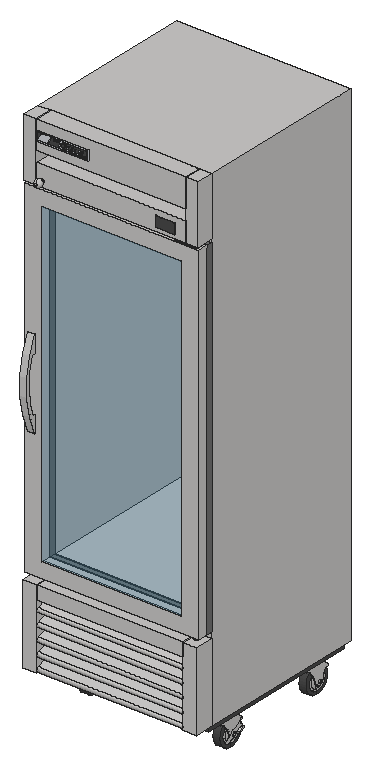
Revit family "QF_TRUE_T-23FG-HC~FGD01", category Specialty Equipment, Revit 2015
Parameters
  Weight in Pounds = 330
  Watts = if(Phase = 3, Volts * FL Amps * 1.73, Volts * FL Amps)  # 713 W
  Volts = 115 V
  URL Cutsheet = ""
  Specification by User = ""
  Specification by Manufacturer = ""
  Show Logo [instance] = yes
  Show Clearance [instance] = yes
  Show 6 Inches Standard Legs [instance] = no
  Show 6 Inches Seismic Flanged Legs [instance] = no
  Overall Height [instance] = Body Height + Base Height  # 83 11/16"
  Body Height [instance] = 78 7/16"
  6 Inches Seismic Flanged Legs [instance] = and(Show 6 Inches Seismic Flanged Legs, not(Show 5 Inches Casters))  # no
  6 Inches Standard Legs [instance] = and(Show 6 Inches Standard Legs, not(Show 5 Inches Casters))  # no
  Show 5 Inches Casters [instance] = if(Show 6 Inches Seismic Flanged Legs, Show 6 Inches Standard Legs, not(Show 6 Inches Standard Legs))  # yes
  Serial Number = ""
  Seismic Rating = ""
  SMACNA No = ""
  Revision Code = ""
  Phase = 1
  Number of Poles = 1
  NAFEM Spec ID Number = ""
  Model = "T-23FG-HC~FGD01"
  Min Ckt Ampacity = 0 A
  Max Overcurrent Protection = 0 A
  Masterspec = ""
  Manufacturer = "TRUE"
  Length = 27"
  Item Number = ""
  Installed By = ""
  Identify Quantity as Lot = yes
  Height = 81 7/8"
  HP = "3/4"
  Furnished By = ""
  Foodservice Equipment Identifier = yes
  FL Amps = 6.2 A
  Electrical Remarks = ""
  Electric Connection Type = ""
  Elec Conn RI Height = 0"
  Elec Conn Connection Height = 0"
  Description = "REACH-IN GLASS SWING DOOR REFRIGERATOR WITH HYDROCARBON REFRIGERANT~FRAMED GLASS DOOR VERSION 01"
  Depth = 32 1/32"
  Cycle = 60 Hz
  Conn Plug = "NEMA 5-15P"
  Conn Conduit = yes
  CSI MasterFormat = ""
  Base Height [instance] = if(Show 5 Inches Casters, 5 1/4", 6")  # 5 1/4"
  Apparent Power = if(Phase = 3, Volts * FL Amps * 1.73, Volts * FL Amps)  # 713 VA
Reference planes (in)
  plane 1 "BACK": y = 0
  plane 2: z = 0
  plane 3 "LEFT": x = 0
  plane 4 "RIGHT": x = 27
  plane 5 "FRONT": y = -32.03125
  plane 6 "TOP": z = 5.25
  plane 7 "Center Y": x = 13.5
  plane 8 "Center X": y = -16.01562
  plane 9: z = 83.6875
Dimensions and locks (in)
  equal spacing: plane 3 "LEFT", plane 7 "Center Y", plane 4 "RIGHT"
  "Length": plane 3 "LEFT" to plane 4 "RIGHT"
  equal spacing: plane 5 "FRONT", plane 8 "Center X", plane 1 "BACK"
  "Depth": plane 5 "FRONT" to plane 1 "BACK"
  "Base Height": plane 6 "TOP" to level
  "Body Height": plane 9 to plane 6 "TOP"
  "Overall Height": plane 9 to plane 2
  aligned and locked: plane 2 to level
  aligned and locked: nested 1 to plane 6 "TOP"
Nested families (in)
  nested 1: "T-23FG-HC-FGD01" at (0, 0, 5.25), Show Clearance <- "Show Clearance", Show Logo <- "Show Logo", type "T-23FG-HC-FGD01"
    with Show Logo yes, Show Clearance yes
  nested 2: "5 INCHES 01_CASTER" at (2.98654, -21.77779, 0), type "5 INCHES 01_CASTER"
    with Specification by User "", Revision Code "", Item Number "", Installed By "", Identify Quantity as Lot yes, Furnished By "", Foodservice Equipment Identifier yes
  nested 3: "5 INCHES 01_CASTER" at (24.01346, -21.77779, 0), type "5 INCHES 01_CASTER"
    with Specification by User "", Revision Code "", Item Number "", Installed By "", Identify Quantity as Lot yes, Furnished By "", Foodservice Equipment Identifier yes
  nested 4: "5 INCHES 01_CASTER" at (2.98654, -5.03471, 0), type "5 INCHES 01_CASTER"
    with Type Mark "", Specification by User "", Show 5" Casters yes, Revision Code "", Key Locks no, Item Number "", Installed By "", Identify Quantity as Lot yes, Furnished By "", Foodservice Equipment Identifier yes
  nested 5: "5 INCHES 01_CASTER" at (24.01346, -5.03471, 0), type "5 INCHES 01_CASTER"
    with Type Mark "", Specification by User "", Show 5" Casters yes, Revision Code "", Key Locks no, Item Number "", Installed By "", Identify Quantity as Lot yes, Furnished By "", Foodservice Equipment Identifier yes
Connectors (in)
  electrical at (12.40625, 0.25, 7.68713), driven by "Volts", driven by "Watts"
    settings: on nested 1, index 2, voltage 115 V, apparent load 713 VA, apparent load phase1 0 VA, apparent load phase2 0 VA, apparent load phase3 0 VA, power factor 1, load classification "Other", number of poles 1, system type 30, power factor state 1, is connector primary yes, connector utility no, sub classification motor no, connector description "ELECTRICAL CONNECTION"
Definition of nested family "T-23FG-HC-FGD01"
  Parameters (values of type "T-23FG-HC-FGD01")
    Weight in Pounds = 0
    Watts = if(Phase = 3, Volts * FL Amps * 1.73, Volts * FL Amps)  # 0 W
    Volts = 0 V
    URL Cutsheet = ""
    Specification by User = ""
    Specification by Manufacturer = ""
    Show Logo [instance] = yes
    Show Clearance [instance] = yes
    Serial Number = ""
    Seismic Rating = ""
    SMACNA No = ""
    Revision Code = ""
    Phase = 0
    Number of Poles = 1
    NAFEM Spec ID Number = ""
    Model = "T-23FG-HC~FGD01"
    Min Ckt Ampacity = 0 A
    Max Overcurrent Protection = 0 A
    Masterspec = ""
    Manufacturer = "TRUE"
    Length = 27"
    Item Number = ""
    Installed By = ""
    Identify Quantity as Lot = yes
    Height = 78 7/16"
    HP = ""
    Furnished By = ""
    Foodservice Equipment Identifier = yes
    FL Amps = 0 A
    Electrical Remarks = ""
    Electric Connection Type = ""
    Elec Conn RI Height = 0"
    Elec Conn Connection Height = 0"
    Description = ""
    Depth = 32 1/32"
    Cycle = 0 Hz
    Conn Plug = ""
    Conn Conduit = yes
    CSI MasterFormat = ""
    Apparent Power = if(Phase = 3, Volts * FL Amps * 1.73, Volts * FL Amps)  # 0 VA
  Reference planes (in)
    plane 1 "BACK": y = 0
    plane 2: z = 0
    plane 3 "LEFT": x = 0
    plane 4 "RIGHT": x = 27
    plane 5 "FRONT": y = -32.03125
    plane 6 "TOP": z = 78.4375
    plane 7 "Center Y": x = 13.5
    plane 8 "Center X": y = -16.01562
    plane 9: y = -55.96875
    plane 10: y = -0.46875
  Forms (in)
    Extrusion 1, solid
      sketch origin (0, 0, -3.4375) x (0, 1, 0) y (0, 0, 1)
        loop
          line (-26.71365, 4.87597) -> (-26.71365, 3.4375) -> (-0.49192, 3.4375) -> (-0.49192, 4.87597) -> (-26.71365, 4.87597)
      from 1.05258 to 25.94742
    Extrusion 2, solid
      sketch origin (0, 0, 59.09193) x (0, 0, -1) y (-1, 0, 0)
        loop
          circle (56.6548, -12.40625) r 0.25
      from 0 to 0.25
    Extrusion 3, solid
      sketch origin (0, 0, -3.4375) x (0, 1, 0) y (0, 0, 1)
        loop
          line (0, 17.70886) -> (-0.5, 17.70886) -> (-0.5, 7.1875) -> (0, 7.1875) -> (0, 17.70886)
        loop
          line (-0.5, 7.08999) -> (-0.5, 4.76141) -> (0, 4.76141) -> (0, 7.08999) -> (-0.5, 7.08999)
      from 1.05258 to 23.84813
    Revolve 4, solid
      sketch origin (11.9375, 0, 5) x (1, 0, 0) y (0, 1, 0)
        loop
          line (11.08374, 0) -> (11.52576, 0) -> (11.52576, 0.53314) -> (11.08374, 0.53314) -> (11.08374, 0)
        axis (11.08374, 0) -> (11.08374, 0.53314)
      angle from 0 to 360
    Revolve 5, solid
      sketch origin (12.875, 0, 5) x (-1, 0, 0) y (0, -1, 0)
        loop
          line (11.08374, 0) -> (11.08374, -0.53314) -> (11.52576, -0.53314) -> (11.52576, 0) -> (11.08374, 0)
        axis (11.08374, 0) -> (11.08374, -0.53314)
      angle from 0 to 360
    Extrusion 6, solid
      sketch origin (0, -27.46875, 2.25) x (0, 0, 1) y (-1, 0, 0)
        loop
          line (12.37447, 0) -> (12.37447, -27) -> (66.56435, -27) -> (66.56435, 0) -> (12.37447, 0)
        loop
          line (14.62447, -2.57422) -> (14.62447, -24.42578) -> (64.24013, -24.42578) -> (64.24013, -2.57422) -> (14.62447, -2.57422)
      from 0.88884 to 2.57713
    Extrusion 7, solid
      sketch origin (0, -16.71875, -3.4375) x (0, 1, 0) y (0, 0, 1)
        loop
          line (-13.20993, 4.9586) -> (-10.75, 5.90288) -> (-10.75, 6.70623) -> (-13.4787, 5.65878)
          arc (-13.4787, 5.65878) -> (-13.69441, 5.1743) -> (-13.20993, 4.9586) r 0.375
        loop
          line (-13.20993, 9.06797) -> (-10.75, 10.01225) -> (-10.75, 10.81561) -> (-13.4787, 9.76816)
          arc (-13.4787, 9.76816) -> (-13.69441, 9.28368) -> (-13.20993, 9.06797) r 0.375
        loop
          line (-13.20993, 7.00836) -> (-10.75, 7.95263) -> (-10.75, 8.75599) -> (-13.4787, 7.70854)
          arc (-13.4787, 7.70854) -> (-13.69441, 7.22406) -> (-13.20993, 7.00836) r 0.375
        loop
          line (-13.71875, 17.12597) -> (-13.71875, 15.08585) -> (-10.75, 15.08585) -> (-10.75, 17.12597) -> (-13.71875, 17.12597)
        loop
          line (-13.20993, 11.12759) -> (-10.75, 12.07187) -> (-10.75, 12.87523) -> (-13.4787, 11.82777)
          arc (-13.4787, 11.82777) -> (-13.69441, 11.34329) -> (-13.20993, 11.12759) r 0.375
        loop
          line (-13.20993, 13.18721) -> (-10.75, 14.13148) -> (-10.75, 14.96085) -> (-13.4787, 13.88739)
          arc (-13.4787, 13.88739) -> (-13.69441, 13.40291) -> (-13.20993, 13.18721) r 0.375
      from 2.10981 to 24.89019
    Extrusion 8, solid
      sketch origin (0, -30.04588, 2.25) x (0, 0, 1) y (-1, 0, 0)
        loop
          line (64.24013, -2.57422) -> (14.62447, -2.57422) -> (14.62447, -24.42578) -> (64.24013, -24.42578) -> (64.24013, -2.57422)
      from 0 to -0.25
    Extrusion 9, solid
      sketch origin (0, -5.21875, -3.4375) x (0, 1, 0) y (0, 0, 1)
        loop
          line (-25, 81.875) -> (-25, 72.74662) -> (-22.25, 72.74662) -> (-22.25, 81.875) -> (-25, 81.875)
      from 0 to 1.90515
    Extrusion 10, solid
      sketch origin (0, -5.21875, -3.4375) x (0, 1, 0) y (0, 0, 1)
        loop
          line (-25, 75.86844) -> (-25, 72.74662) -> (-22.25, 72.74662) -> (-22.25, 75.86844) -> (-25, 75.86844)
        loop
          line (-25, 77.49344) -> (-22.25, 77.49344) -> (-22.25, 81.875) -> (-25, 81.875) -> (-25, 77.49344)
      from 1.90515 to 25.09485
    Extrusion 11, solid
      sketch origin (2.625, -17.69911, 55.03916) x (0, 0, 1) y (0, 1, 0)
        loop
          arc (-9.25573, -13.36969) -> (-13.54868, -13.98814) -> (-17.81823, -13.2247) r 13.61111
          line (-17.81823, -13.2247) -> (-17.81823, -12.68605) -> (-20.36286, -12.68605)
          arc (-20.36286, -12.68605) -> (-13.44922, -14.33214) -> (-6.53558, -12.68605) r 15.34178
          line (-6.53558, -12.68605) -> (-9.25573, -12.68605) -> (-9.25573, -13.36969)
      from 0.77133 to 1.84742
    Extrusion 12, solid
      sketch origin (0, 4.28125, -0.60715) x (0, -1, 0) y (0, 0, 1)
        loop
          line (31.76964, 14.29562) -> (31.76964, 2.04562) -> (34.73839, 2.04562) -> (34.73839, 14.29562) -> (31.76964, 14.29562)
      from -2.10981 to 0
    Extrusion 13, solid
      sketch origin (0, -30.21875, 69.875) x (0, 0, 1) y (-1, 0, 0)
        loop
          line (1.67987, -20.5494) -> (0.04, -20.5494) -> (0.04, -23.49734) -> (1.67987, -23.49734) -> (1.67987, -20.5494)
      from 0 to 0.0625
    Extrusion 14, solid
      sketch origin (27, -5.21875, 0) x (0, -1, 0) y (0, 0, 1)
        loop
          line (25, 78.4375) -> (22.25, 78.4375) -> (22.25, 69.30912) -> (25, 69.30912) -> (25, 78.4375)
      from 0 to 1.90515
    Extrusion 15, solid
      sketch origin (27, 4.28125, -0.60715) x (0, -1, 0) y (0, 0, -1)
        loop
          line (31.76964, -14.29562) -> (34.73839, -14.29562) -> (34.73839, -2.04562) -> (31.76964, -2.04562) -> (31.76964, -14.29562)
      from -2.10981 to 0
    Revolve 16, solid
      sketch origin (2.8125, -5.12906, 0.0077) x (0, 1, 0) y (0, 0, 1)
        loop
          line (-26.21193, 70.08568) -> (-25.08969, 70.08568) -> (-25.08969, 70.38048) -> (-25.29687, 70.38048) -> (-25.29687, 70.44449) -> (-25.41402, 70.44449)
          arc (-25.41402, 70.44449) -> (-25.84599, 70.63218) -> (-26.21193, 70.33568) r 0.45393
          line (-26.21193, 70.33568) -> (-26.21193, 70.08568)
        axis (-26.21193, 70.08568) -> (-25.08969, 70.08568)
      angle from 0 to 360
    Extrusion 17, solid
      sketch origin (1.96409, -27.125, 68.81435) x (1, 0, 0) y (0, 1, 0)
        loop
          line (24.5625, -1.62139) -> (21.0974, -1.62139) -> (21.0974, -2.6725) -> (24.5625, -2.6725) -> (24.5625, -1.62139)
        loop
          circle (24.12704, -2.16728) r 0.25
        loop
          circle (22.47678, -2.15567) r 0.25
        loop
          circle (21.47678, -2.15567) r 0.25
      from 0 to 0.22057
    Extrusion 18, solid
      sketch origin (1.96409, -27.125, 68.81435) x (1, 0, 0) y (0, 1, 0)
        loop
          circle (22.47678, -2.15567) r 0.25
        loop
          circle (21.47678, -2.15567) r 0.25
      from 0 to 0.31015
    Extrusion 19, solid
      sketch origin (1.96409, -27.125, 68.81435) x (1, 0, 0) y (0, 1, 0)
        loop
          circle (24.12704, -2.16728) r 0.25
      from 0 to 0.49477
    Extrusion 20, solid
      sketch origin (26.77659, -27.46875, 69.30912) x (-1, 0, 0) y (0, 1, 0)
        loop
          line (0.22917, -2.35477) -> (1.22917, -2.35477) -> (1.18806, 0) -> (0.27027, 0) -> (0.22917, -2.35477)
        loop
          circle (0.6841, -1.82353) r 0.25
      from 0 to 0.1875
    Extrusion 21, solid
      sketch origin (27, -27.46875, 14.62447) x (0, 1, 0) y (1, 0, 0)
        loop
          line (0, -1.157) -> (0, -0.21392) -> (-2.06523, -0.25589)
          arc (-2.06523, -0.25589) -> (-2.48736, -0.68546) -> (-2.06523, -1.11503) r 0.42963
          line (-2.06523, -1.11503) -> (0, -1.157)
        loop
          circle (-2.05773, -0.68546) r 0.25
      from 0 to 0.22057
    Extrusion 22, solid
      sketch origin (27, -27.46875, 14.62447) x (0, 1, 0) y (1, 0, 0)
        loop
          circle (-2.05773, -0.68546) r 0.25
      from 0 to 0.31257
    Extrusion 23, solid, visible <- "Show Clearance", detail levels coarse
      sketch origin (0, -5.21875, 0) x (1, 0, 0) y (0, 1, 0)
        loop
          arc (0.00341, -24.82713) -> (8.11424, -43.39918) -> (27, -50.75) r 26.40038
          line (27, -50.75) -> (27, -24.82713) -> (0.00341, -24.82713)
      from 14.62447 to 68.81435
    Extrusion 24, solid
      sketch origin (27, -27.46875, 75.5) x (0, 0, -1) y (-1, 0, 0)
        loop
          line (-2.9375, 27) -> (-2.9375, 0) -> (74.06153, 0) -> (74.06153, 27) -> (-2.9375, 27)
        loop
          line (9.00987, 2.57422) -> (58.62553, 2.57422) -> (58.62553, 24.42578) -> (9.00987, 24.42578) -> (9.00987, 2.57422)
      from 0 to 26.96875
    Extrusion 25, solid
      sketch origin (27, -0.5, 75.5) x (0, 0, -1) y (-1, 0, 0)
        loop
          line (9.00987, 2.57422) -> (58.62553, 2.57422) -> (58.62553, 24.42578) -> (9.00987, 24.42578) -> (9.00987, 2.57422)
      from 0 to -1
    Extrusion 26, solid
      sketch origin (27, -27.46875, 75.5) x (0, 0, 1) y (-1, 0, 0)
        loop
          line (-6.68565, 0) -> (-6.68565, 27) -> (-60.87553, 27) -> (-60.87553, 0) -> (-6.68565, 0)
        loop
          line (-9.00987, 24.42578) -> (-58.62553, 24.42578) -> (-58.62553, 2.57422) -> (-9.00987, 2.57422) -> (-9.00987, 24.42578)
      from 0 to 0.88884
  Cuts and joins
    joined: Extrusion 24, Extrusion 25
  Lines and regions (in)
    symbolic lines
      curve 1: line (0, -0.5, 0) -> (27, -0.5, 0)
      curve 2: line (0, -30.21875, 0) -> (0, -0.5, 0)
      curve 3: line (27, -30.21875, 0) -> (0, -30.21875, 0)
      curve 4: line (27, -0.5, 0) -> (27, -30.45714, 0)
      curve 5: line (2.45369, -30.42593, 0) -> (3.17131, -30.42593, 0)
      curve 6: line (2.45369, -30.42593, 0) -> (2.45369, -30.54308, 0)
      curve 7: line (2.45369, -30.54308, 0) -> (3.17131, -30.54308, 0)
      curve 8: line (3.17131, -30.54308, 0) -> (3.17131, -30.42593, 0)
      curve 9: line (3.1073, -30.42593, 0) -> (3.1073, -30.21875, 0)
      curve 10: line (2.5177, -30.42593, 0) -> (2.5177, -30.21875, 0)
      curve 11: arc (2.45369, -30.54308, 0) -> (2.26357, -30.97538, 0) -> (2.5625, -31.34099, 0) r 0.45187
      curve 12: arc (3.17131, -30.54308, 0) -> (3.36036, -30.97523, 0) -> (3.0625, -31.34099, 0) r 0.45277
      curve 13: line (2.5625, -31.34099, 0) -> (3.0625, -31.34099, 0)
      curve 14: line (0.01395, -30.45714, 0) -> (2.45369, -30.45714, 0)
      curve 15: line (3.17131, -30.45714, 0) -> (27, -30.45714, 0)
      curve 16: line (0, -27.46875, 0) -> (27, -27.46875, 0)
      curve 17: arc (0.00137, -29.2374, 0) -> (0.99521, -36.75832, 0) -> (4.08676, -43.68611, 0) r 26.40038
      curve 18: line (0.77758, -32.03125, 0) -> (0.77758, -30.45714, 0)
      curve 19: line (0.77758, -32.03125, 0) -> (1.85367, -32.03125, 0)
      curve 20: line (1.85367, -32.03125, 0) -> (1.85367, -30.45714, 0)
      curve 21: line (1.05258, 0, 0) -> (1.05258, -0.5, 0)
      curve 22: line (1.05258, 0, 0) -> (23.84813, 0, 0)
      curve 23: line (23.84813, 0, 0) -> (23.84813, -0.5, 0)
      curve 24: line (1.34924, 0.53314, 0) -> (1.34924, 0, 0)
      curve 25: line (1.34924, 0.53314, 0) -> (2.23327, 0.53314, 0)
      curve 26: line (2.23327, 0.53314, 0) -> (2.23327, 0, 0)
      curve 27: line (22.57923, 0.53314, 0) -> (22.57923, 0, 0)
      curve 28: line (22.57923, 0.53314, 0) -> (23.46326, 0.53314, 0)
      curve 29: line (23.46326, 0.53314, 0) -> (23.46326, 0, 0)
      curve 30: line (1.90515, -27.46875, 0) -> (1.90515, -30.21875, 0)
      curve 31: line (25.09485, -27.46875, 0) -> (25.09485, -30.21875, 0)
      curve 32: line (4.08676, -43.68611, 0) -> (27, -30.45714, 0)
  Dimensions and locks (in)
    equal spacing: plane 3 "LEFT", plane 7 "Center Y", plane 4 "RIGHT"
    "Length": plane 3 "LEFT" to plane 4 "RIGHT"
    equal spacing: plane 5 "FRONT", plane 8 "Center X", plane 1 "BACK"
    "Depth": plane 5 "FRONT" to plane 1 "BACK"
    "Height": plane 6 "TOP" to level
    plane 5 "FRONT" to plane 1 "BACK" = 32 1/32"
    plane 9 to plane 1 "BACK" = 55 31/32"
    plane 4 "RIGHT" to plane 3 "LEFT" = 27"
    plane 10 to plane 1 "BACK" = 15/32"
    aligned and locked: level to plane 2
  Automatic sketch dimensions
    Extrusion 1 sketch curve to level = 0"
    Extrusion 1 sketch curve to plane 10 = 0.02317"
    level to Extrusion 1 sketch curve = 1.43847"
    Extrusion 2 sketch curve to plane 7 "Center Y" = 1 3/32"
    level to Extrusion 2 sketch curve = 2.43713"
    Extrusion 3 sketch curve to plane 1 "BACK" = 0"  (x2)
    Extrusion 3 sketch curve to plane 10 = 1/32"  (x2)
    level to Extrusion 3 sketch curve = 1.32391"
    Extrusion 3 sketch curve to Extrusion 3 sketch curve = 2.32858"
    Extrusion 3 sketch curve to Extrusion 3 sketch curve = 0.09751"
    Extrusion 3 sketch curve to Extrusion 3 sketch curve = 10.52136"
    plane 1 "BACK" to Revolve 4 sketch curve = 0"
    plane 4 "RIGHT" to Revolve 4 sketch curve = 3.97876"
    Revolve 4 sketch curve to Revolve 4 sketch curve = 0.44201"
    Revolve 4 sketch curve to plane 1 "BACK" = 0.53314"
    Revolve 4 sketch curve to Revolve 4 sketch curve = 0"
    Revolve 4 sketch curve to Revolve 4 sketch curve = 0.32081"
    Revolve 4 sketch curve to Revolve 4 sketch curve = 0.13775"
    plane 1 "BACK" to Revolve 5 sketch curve = 0"
    plane 3 "LEFT" to Revolve 5 sketch curve = 1.79126"
    Revolve 5 sketch curve to Revolve 5 sketch curve = 0.44201"
    Revolve 5 sketch curve to plane 1 "BACK" = 0.53314"
    Revolve 5 sketch curve to Revolve 5 sketch curve = 0"
    Revolve 5 sketch curve to Revolve 5 sketch curve = 0.32081"
    Revolve 5 sketch curve to Revolve 5 sketch curve = 0.13775"
    plane 4 "RIGHT" to Extrusion 6 sketch curve = 0"
    Extrusion 6 sketch curve to plane 3 "LEFT" = 0"
    level to Extrusion 6 sketch curve = 14.62447"
    Extrusion 6 sketch curve to Extrusion 6 sketch curve = 2 1/4"
    plane 3 "LEFT" to Extrusion 6 sketch curve = 2 147/256"
    Extrusion 6 sketch curve to plane 6 "TOP" = 11.94737"
    Extrusion 6 sketch curve to Extrusion 6 sketch curve = 2 83/256"
    plane 4 "RIGHT" to Extrusion 6 sketch curve = 2 147/256"
    Extrusion 7 sketch curve to Extrusion 7 sketch curve = 2.45993"  (x2)
    Extrusion 7 sketch curve to Extrusion 7 sketch curve = 0"  (x3)
    level to Extrusion 7 sketch curve = 1.5211"
    Extrusion 7 sketch curve to Extrusion 7 sketch curve = 0.35009"  (x5)
    level to Extrusion 7 sketch curve = 2.46538"
    Extrusion 7 sketch curve to Extrusion 7 sketch curve = 0.80336"  (x4)
    Extrusion 7 sketch curve to Extrusion 7 sketch curve = 1.34957"
    Extrusion 7 sketch curve to Extrusion 7 sketch curve = 1.2464"
    Extrusion 7 sketch curve to Extrusion 7 sketch curve = 1.35943"  (x3)
    Extrusion 7 sketch curve to Extrusion 7 sketch curve = 1.25626"  (x3)
    Extrusion 7 sketch curve to Extrusion 7 sketch curve = 0.82937"
    Extrusion 7 sketch curve to Extrusion 7 sketch curve = 1.19846"
    Extrusion 7 sketch curve to Extrusion 7 sketch curve = 2.04012"
    Extrusion 8 sketch curve to Extrusion 6 = 0"  (x4)
    Extrusion 9 sketch curve to plane 6 "TOP" = 0"
    Extrusion 9 sketch curve to Extrusion 9 sketch curve = 2 3/4"
    Extrusion 9 sketch curve to plane 6 "TOP" = 9.12838"
    Extrusion 10 sketch curve to plane 6 "TOP" = 0"
    Extrusion 10 sketch curve to Extrusion 10 sketch curve = 0"  (x2)
    Extrusion 10 sketch curve to plane 6 "TOP" = 4.38156"
    Extrusion 10 sketch curve to Extrusion 10 sketch curve = 1 5/8"
    Extrusion 10 sketch curve to Extrusion 10 sketch curve = 3.12182"
    level to Extrusion 11 sketch curve = 34.6763"
    Extrusion 11 sketch curve to Extrusion 11 sketch curve = 2.54463"
    Extrusion 11 sketch curve to plane 8 "Center X" = 0.67384"
    Extrusion 11 sketch curve to Extrusion 11 sketch curve = 4.36901"
    Extrusion 11 sketch curve to Extrusion 11 sketch curve = 0.13099"
    Extrusion 11 sketch curve to Extrusion 11 sketch curve = 8 9/16"
    Extrusion 11 sketch curve to Extrusion 11 sketch curve = 0.53865"
    level to Extrusion 12 sketch curve = 1.43847"
    Extrusion 12 sketch curve to Extrusion 12 sketch curve = 12 1/4"
    Extrusion 10 to Extrusion 13 sketch curve = 4.14094"
    Extrusion 13 sketch curve to Extrusion 13 sketch curve = 1.63987"
    Extrusion 10 to Extrusion 13 sketch curve = 1.59751"
    Extrusion 13 sketch curve to Extrusion 13 sketch curve = 2.94794"
    Extrusion 14 sketch curve to plane 6 "TOP" = 0"
    Extrusion 14 sketch curve to Extrusion 14 sketch curve = 2 3/4"
    Extrusion 14 sketch curve to plane 6 "TOP" = 9.12838"
    level to Extrusion 15 sketch curve = 13.68847"
    level to Extrusion 15 sketch curve = 1.43847"
    Revolve 16 sketch curve to Revolve 16 sketch curve = 0.20718"
    Revolve 16 sketch curve to Revolve 16 sketch curve = 0.11714"
    Revolve 16 sketch curve to Revolve 16 sketch curve = 0.37064"
    Revolve 16 sketch curve to Revolve 16 sketch curve = 0.42727"
    Revolve 16 sketch curve to plane 6 "TOP" = 8.34413"
    Revolve 16 sketch curve to Revolve 16 sketch curve = 0.09674"
    Revolve 16 sketch curve to Revolve 16 sketch curve = 1/4"
    Revolve 16 sketch curve to Revolve 16 sketch curve = 0.064"
    Revolve 16 sketch curve to Revolve 16 sketch curve = 0"  (x2)
    plane 4 "RIGHT" to Extrusion 17 sketch curve = 3.93851"
    Extrusion 17 sketch curve to Extrusion 17 sketch curve = 0.37938"
    Extrusion 17 sketch curve to Extrusion 17 sketch curve = 1"
    plane 4 "RIGHT" to Extrusion 17 sketch curve = 0.90887"
    plane 4 "RIGHT" to Extrusion 17 sketch curve = 0.47341"
    Extrusion 17 sketch curve to Extrusion 17 sketch curve = 0.50522"
    Extrusion 17 sketch curve to Extrusion 17 sketch curve = 0.51683"
    Extrusion 17 sketch curve to Extrusion 17 sketch curve = 0.53428"
    plane 4 "RIGHT" to Extrusion 18 sketch curve = 3.55913"
    Extrusion 18 sketch curve to Extrusion 18 sketch curve = 1"
    plane 4 "RIGHT" to Extrusion 19 sketch curve = 0.90887"
    Extrusion 19 sketch curve to Extrusion 19 sketch curve = 1/4"
    plane 4 "RIGHT" to Extrusion 20 sketch curve = 0.45257"
    plane 4 "RIGHT" to Extrusion 20 sketch curve = 0.49368"
    Extrusion 20 sketch curve to Extrusion 20 sketch curve = 0.45494"
    Extrusion 20 sketch curve to Extrusion 20 sketch curve = 0.91779"
    Extrusion 20 sketch curve to Extrusion 20 sketch curve = 0.54506"
    Extrusion 20 sketch curve to Extrusion 20 sketch curve = 17/32"
    Extrusion 20 sketch curve to Extrusion 20 sketch curve = 1.82353"
    Extrusion 21 sketch curve to Extrusion 21 sketch curve = 0"  (x3)
    plane 4 "RIGHT" to Extrusion 21 sketch curve = 0.25589"
    Extrusion 21 sketch curve to Extrusion 21 sketch curve = 0.0075"
    plane 4 "RIGHT" to Extrusion 21 sketch curve = 1.157"
    Extrusion 21 sketch curve to Extrusion 21 sketch curve = 2.06523"
    plane 4 "RIGHT" to Extrusion 21 sketch curve = 0.21392"
    Extrusion 21 sketch curve to Extrusion 21 sketch curve = 0.42957"
    plane 4 "RIGHT" to Extrusion 22 sketch curve = 0.68546"
    Extrusion 24 sketch curve to Extrusion 14 = 0"  (x2)
    Extrusion 24 sketch curve to Extrusion 14 = 25.09485"
    Extrusion 24 sketch curve to Extrusion 14 = 67.87065"
    Extrusion 24 sketch curve to Extrusion 14 = 0.66907"
    Extrusion 24 sketch curve to Extrusion 14 = 2.81899"
    Extrusion 24 sketch curve to Extrusion 24 sketch curve = 15.436"
    Extrusion 24 sketch curve to Extrusion 24 sketch curve = 2 147/256"
    Extrusion 25 sketch curve to Extrusion 24 = 0"  (x3)
    Extrusion 24 to Extrusion 25 sketch curve = 0"
    Extrusion 1 sketch curve to plane 5 "FRONT" = 5.3176"
    Extrusion 7 sketch curve to plane 5 "FRONT" = 1 19/32"
    Extrusion 7 sketch curve to plane 5 "FRONT" = 1.8338"  (x4)
    Extrusion 7 sketch curve to Extrusion 7 sketch curve = 0.24005"
    Extrusion 7 sketch curve to Extrusion 7 sketch curve = 0.13439"  (x10)
    Extrusion 7 sketch curve to Extrusion 7 sketch curve = 2 31/32"
    Extrusion 9 sketch curve to plane 5 "FRONT" = 1 13/16"
    Extrusion 10 sketch curve to plane 5 "FRONT" = 1 13/16"
    Extrusion 10 sketch curve to Extrusion 10 sketch curve = 2 3/4"
    Extrusion 11 sketch curve to Extrusion 11 sketch curve = 2.72015"
    Extrusion 11 sketch curve to Extrusion 11 sketch curve = 1.38862"
    Extrusion 11 sketch curve to plane 5 "FRONT" = 1.64609"
    Extrusion 12 sketch curve to plane 5 "FRONT" = 4.54286"
    Extrusion 12 sketch curve to plane 5 "FRONT" = 1.57411"
    Extrusion 14 sketch curve to plane 5 "FRONT" = 4 9/16"
    Extrusion 15 sketch curve to plane 5 "FRONT" = 4.54286"
    Extrusion 15 sketch curve to plane 5 "FRONT" = 1.57411"
    Revolve 16 sketch curve to plane 5 "FRONT" = 0.69026"
    Revolve 16 sketch curve to Revolve 16 sketch curve = 0.62631"
    Extrusion 17 sketch curve to plane 5 "FRONT" = 2.23375"
    Extrusion 17 sketch curve to Extrusion 17 sketch curve = 0"
    Extrusion 18 sketch curve to plane 5 "FRONT" = 2.75058"
    Extrusion 18 sketch curve to Extrusion 18 sketch curve = 0"
    Extrusion 19 sketch curve to Extrusion 19 sketch curve = 0"
    Extrusion 19 sketch curve to plane 5 "FRONT" = 2.73897"
    Extrusion 20 sketch curve to plane 5 "FRONT" = 4 9/16"
    plane 4 "RIGHT" to Extrusion 21 sketch curve = 1.11503"
    Extrusion 21 sketch curve to plane 5 "FRONT" = 2.49727"
    Extrusion 22 sketch curve to plane 5 "FRONT" = 2.50477"
    curve 1 to plane 3 "LEFT" = 0"
    plane 5 "FRONT" to curve 18 = 0"
    plane 1 "BACK" to curve 22 = 0"
    curve 1 to plane 4 "RIGHT" = 0"
    plane 3 "LEFT" to curve 18 = 0.77758"
    plane 3 "LEFT" to curve 22 = 1.05258"
    curve 21 to curve 24 = 0.29666"
    curve 18 to curve 19 = 1.07609"
    curve 24 to curve 26 = 0.88403"
    curve 20 to curve 6 = 0.60002"
    curve 6 to curve 13 = 0.10881"
    curve 6 to curve 11 = 0.2576"
    curve 11 to curve 12 = 0.20045"
    curve 12 to curve 13 = 0.15076"
    curve 12 to curve 7 = 0.25956"
    curve 28 to plane 1 "BACK" = 0.53314"
    plane 4 "RIGHT" to curve 28 = 4.42077"
    curve 27 to curve 28 = 0.88403"
    curve 29 to curve 23 = 0.38488"
    plane 4 "RIGHT" to curve 17 = 0.6004"
    curve 13 to plane 5 "FRONT" = 0.69026"
    curve 11 to curve 11 = 0.42666"
    curve 32 to plane 5 "FRONT" = 1.57411"
    curve 11 to curve 5 = 0.11714"
    curve 17 to plane 5 "FRONT" = 2.45606"
    curve 2 to plane 5 "FRONT" = 1 13/16"
    curve 1 to plane 10 = 1/32"
    curve 26 to plane 1 "BACK" = 0.53314"
    plane 9 to curve 32 = 12.28264"
    plane 3 "LEFT" to curve 32 = 4.08676"
    plane 3 "LEFT" to curve 14 = 0.01395"
    plane 3 "LEFT" to curve 17 = 0.00137"
    curve 20 to curve 30 = 0.05148"
    curve 5 to curve 10 = 0.064"
    curve 9 to curve 5 = 0.064"
    curve 31 to curve 16 = 1.90515"
    curve 17 to curve 16 = 1.76865"
    Extrusion 23 sketch curve to plane 4 "RIGHT" = 0"
    Extrusion 23 sketch curve to plane 9 = 0"
    plane 4 "RIGHT" to Extrusion 23 sketch curve = 0.6004"
    Extrusion 23 sketch curve to Extrusion 23 sketch curve = 0.47069"
    plane 3 "LEFT" to Extrusion 23 sketch curve = 0.00341"
    Extrusion 26 sketch curve to Extrusion 24 = 0"  (x3)
    Extrusion 24 to Extrusion 26 sketch curve = 0"  (x3)
    Extrusion 24 to Extrusion 26 sketch curve = 2 83/256"
    Extrusion 26 sketch curve to Extrusion 26 sketch curve = 2 1/4"
    radius of Extrusion 2 sketch curve = 1/4"
    radius of Extrusion 17 sketch curve = 1/4"  (x3)
    radius of Extrusion 18 sketch curve = 1/4"  (x2)
    radius of Extrusion 20 sketch curve = 1/4"
    radius of Extrusion 21 sketch curve = 1/4"
    radius of Extrusion 22 sketch curve = 1/4"
  Nested families (in)
    nested 1: "QF_LOGO_TRUE" at (1.90515, -30.21875, 75.4375), Show Logo <- "Show Logo", type "QF_LOGO_TRUE", detail levels medium+fine
      with Show Logo yes
  Definition of nested family "QF_LOGO_TRUE"
    Parameters (values of type "QF_LOGO_TRUE")
      Show Logo [instance] = yes
    Reference planes (in)
      plane 1 "Center (Front/Back)": y = 0
      plane 2: z = 0
      plane 3 "Center (Left/Right)": x = 0
    Forms (in)
      Extrusion 1, solid, visible <- "Show Logo"
        sketch origin (-78.34647, 34.76905, -30.51001) x (1, 0, 0) y (0, 0, 1)
          loop
            line (81.15226, 31.65456) -> (81.07353, 31.48573) -> (82.12083, 31.48573)
            arc (82.12083, 31.48573) -> (82.14208, 31.44814) -> (82.12083, 31.41055) r 0.04386
            line (82.12083, 31.41055) -> (81.84767, 30.82478)
            arc (81.84767, 30.82478) -> (81.84531, 30.77052) -> (81.882, 30.73048) r 0.07096
            line (81.882, 30.73048) -> (82.55165, 30.73048)
            arc (82.55165, 30.73048) -> (82.63621, 30.75714) -> (82.69019, 30.82748) r 0.14742
            line (82.69019, 30.82748) -> (82.90515, 31.28847) -> (83.10265, 31.28847)
            arc (83.10265, 31.28847) -> (83.15447, 31.26942) -> (83.14697, 31.21472) r 0.04405
            line (83.14697, 31.21472) -> (82.9671, 30.82899)
            arc (82.9671, 30.82899) -> (82.9699, 30.76493) -> (83.02398, 30.73048) r 0.06943
            line (83.02398, 30.73048) -> (83.6124, 30.73048)
            arc (83.6124, 30.73048) -> (83.65748, 30.74689) -> (83.68147, 30.78844) r 0.07014
            arc (83.68147, 30.78844) -> (83.69845, 30.74745) -> (83.73943, 30.73048) r 0.05796
            line (83.73943, 30.73048) -> (84.112, 30.73048)
            arc (84.112, 30.73048) -> (84.15504, 30.74201) -> (84.18655, 30.77352) r 0.08608
            arc (84.18655, 30.77352) -> (84.20164, 30.7371) -> (84.23806, 30.72202) r 0.0515
            line (84.23806, 30.72202) -> (84.76757, 30.72202)
            arc (84.76757, 30.72202) -> (84.81086, 30.73995) -> (84.8288, 30.78324) r 0.06122
            arc (84.8288, 30.78324) -> (84.86848, 30.74355) -> (84.92269, 30.72903) r 0.10842
            line (84.92269, 30.72903) -> (85.91461, 30.72903) -> (86.02479, 30.91987) -> (85.0243, 30.91987)
            arc (85.0243, 30.91987) -> (84.99669, 30.93902) -> (84.99566, 30.97261) r 0.03732
            line (84.99566, 30.97261) -> (85.01297, 31.00972)
            arc (85.01297, 31.00972) -> (85.03954, 31.04453) -> (85.0813, 31.05774) r 0.07263
            line (85.0813, 31.05774) -> (85.40289, 31.05774)
            arc (85.40289, 31.05774) -> (85.4723, 31.07633) -> (85.52311, 31.12715) r 0.13882
            line (85.52311, 31.12715) -> (85.61625, 31.28847)
            arc (85.61625, 31.28847) -> (85.61625, 31.37458) -> (85.54168, 31.41763) r 0.08611
            line (85.54168, 31.41763) -> (85.20227, 31.41763)
            arc (85.20227, 31.41763) -> (85.11574, 31.40294) -> (85.05538, 31.33923) r 0.13863
            line (85.05538, 31.33923) -> (84.89409, 30.99333)
            arc (84.89409, 30.99333) -> (84.84649, 30.9313) -> (84.77191, 30.90778) r 0.13002
            line (84.77191, 30.90778) -> (84.41984, 30.90778)
            arc (84.41984, 30.90778) -> (84.3777, 30.95378) -> (84.38042, 31.0161) r 0.08151
            line (84.38042, 31.0161) -> (84.56766, 31.41763) -> (84.44849, 31.41763) -> (84.25012, 30.99222)
            arc (84.25012, 30.99222) -> (84.21158, 30.94199) -> (84.15119, 30.92296) r 0.10527
            line (84.15119, 30.92296) -> (83.90842, 30.92296)
            arc (83.90842, 30.92296) -> (83.8674, 30.97642) -> (83.87619, 31.04323) r 0.08805
            line (83.87619, 31.04323) -> (84.05078, 31.41763) -> (83.92772, 31.41763) -> (83.72676, 30.98668)
            arc (83.72676, 30.98668) -> (83.68011, 30.94003) -> (83.61639, 30.92296) r 0.12745
            line (83.61639, 30.92296) -> (83.26484, 30.92296)
            arc (83.26484, 30.92296) -> (83.2017, 30.9524) -> (83.19563, 31.0218) r 0.06967
            line (83.19563, 31.0218) -> (83.31118, 31.26961) -> (83.47452, 31.26961)
            arc (83.47452, 31.26961) -> (83.50209, 31.35268) -> (83.56075, 31.41763) r 0.21289
            line (83.56075, 31.41763) -> (82.92244, 31.41763)
            arc (82.92244, 31.41763) -> (82.85151, 31.40191) -> (82.80242, 31.34834) r 0.12081
            line (82.80242, 31.34834) -> (82.6294, 30.9773)
            arc (82.6294, 30.9773) -> (82.58962, 30.93752) -> (82.53528, 30.92296) r 0.10869
            line (82.53528, 30.92296) -> (82.1542, 30.92296)
            arc (82.1542, 30.92296) -> (82.12446, 30.96315) -> (82.13012, 31.01283) r 0.06822
            line (82.13012, 31.01283) -> (82.38156, 31.48573) -> (83.01596, 31.48573) -> (83.09469, 31.65456) -> (82.46029, 31.65456) -> (82.53902, 31.8234) -> (82.31334, 31.8234) -> (82.23461, 31.65456) -> (81.15226, 31.65456)
          loop
            arc (85.15937, 31.26434) -> (85.13191, 31.25698) -> (85.1118, 31.23688) r 0.05494
            line (85.1118, 31.23688) -> (85.09547, 31.18665)
            arc (85.09547, 31.18665) -> (85.10304, 31.16837) -> (85.12133, 31.16079) r 0.02586
            line (85.12133, 31.16079) -> (85.39889, 31.16079)
            arc (85.39889, 31.16079) -> (85.41888, 31.16523) -> (85.43513, 31.1777) r 0.04731
            line (85.43513, 31.1777) -> (85.44863, 31.2402)
            arc (85.44863, 31.2402) -> (85.44466, 31.25693) -> (85.42914, 31.26434) r 0.01994
            line (85.42914, 31.26434) -> (85.15937, 31.26434)
          loop
            line (78.62961, 30.74125) -> (80.12032, 30.74125) -> (80.73891, 31.81268) -> (79.2482, 31.81268) -> (78.62961, 30.74125)
        from 34.76797 to 34.83173
      Extrusion 2, solid, visible <- "Show Logo"
        sketch origin (-142.84857, 34.75108, -33.3546) x (1, 0, 0) y (0, 0, 1)
          loop
            line (150.81107, 34.71978) -> (142.98607, 34.71978) -> (142.98607, 33.4921) -> (150.81107, 33.4921) -> (150.81107, 34.71978)
        from 34.75108 to 34.78125
      Extrusion 3, solid, visible <- "Show Logo"
        sketch origin (-142.84857, 34.75108, -33.3546) x (1, 0, 0) y (0, 0, 1)
          loop
            line (150.94857, 34.85727) -> (142.84857, 34.85727) -> (142.84857, 33.3546) -> (150.94857, 33.3546) -> (150.94857, 34.85727)
          loop
            line (142.98607, 34.71978) -> (142.98607, 33.4921) -> (150.81107, 33.4921) -> (150.81107, 34.71978) -> (142.98607, 34.71978)
        from 34.75108 to 34.81376
      Extrusion 4, solid, not visible
        sketch origin (121.45701, -16.5, 4.98235) x (1, 0, 0) y (0, 0, 1)
          loop
            line (25.20115, 35.89949) -> (25.20115, 33.96647) -> (30.95381, 33.96647) -> (30.95381, 35.89949) -> (25.20115, 35.89949)
        from 31.5 to 31.54261
      Extrusion 5, solid, not visible
        sketch origin (121.45701, -16.5, 4.98235) x (1, 0, 0) y (0, 0, 1)
          loop
            line (26.7387, 34.95472) -> (26.61492, 34.49276) -> (27.038, 34.49276)
            arc (27.038, 34.49276) -> (27.13117, 34.52484) -> (27.18485, 34.60749) r 0.15134
            arc (27.18485, 34.60749) -> (27.20396, 34.68138) -> (27.22435, 34.75493) r 4.37326
            arc (27.22435, 34.75493) -> (27.23458, 34.81765) -> (27.22435, 34.88037) r 0.1974
            arc (27.22435, 34.88037) -> (27.18247, 34.93579) -> (27.11563, 34.95472) r 0.10914
            line (27.11563, 34.95472) -> (26.7387, 34.95472)
          loop
            line (26.90201, 34.80638) -> (26.84645, 34.59903) -> (26.92855, 34.59903)
            arc (26.92855, 34.59903) -> (26.98205, 34.6185) -> (27.01051, 34.6678) r 0.08322
            line (27.01051, 34.6678) -> (27.02399, 34.74424)
            arc (27.02399, 34.74424) -> (27.01491, 34.78454) -> (26.97985, 34.80638) r 0.05353
            line (26.97985, 34.80638) -> (26.90201, 34.80638)
          loop
            line (27.45336, 34.66131) -> (27.76233, 34.66131) -> (27.78859, 34.73909)
            arc (27.78859, 34.73909) -> (27.7878, 34.82039) -> (27.73107, 34.87864) r 0.10925
            arc (27.73107, 34.87864) -> (27.68233, 34.8944) -> (27.63139, 34.89974) r 0.24595
            line (27.63139, 34.89974) -> (27.46708, 34.89974)
            arc (27.46708, 34.89974) -> (27.4068, 34.88073) -> (27.3535, 34.84677) r 0.2421
            arc (27.3535, 34.84677) -> (27.2897, 34.76363) -> (27.26702, 34.66131) r 0.2421
            line (27.26702, 34.66131) -> (27.26702, 34.54477)
            arc (27.26702, 34.54477) -> (27.31618, 34.4956) -> (27.38334, 34.47761) r 0.13431
            line (27.38334, 34.47761) -> (27.59054, 34.47761)
            arc (27.59054, 34.47761) -> (27.63459, 34.48281) -> (27.67622, 34.49812) r 0.18924
            line (27.67622, 34.49812) -> (27.73102, 34.61563)
            arc (27.73102, 34.61563) -> (27.68453, 34.59565) -> (27.63566, 34.58252) r 0.35376
            arc (27.63566, 34.58252) -> (27.55885, 34.56956) -> (27.48204, 34.58252) r 0.23415
            arc (27.48204, 34.58252) -> (27.44492, 34.61362) -> (27.45336, 34.66131) r 0.04838
          loop
            line (27.4842, 34.73042) -> (27.62012, 34.73042) -> (27.62621, 34.76496)
            arc (27.62621, 34.76496) -> (27.58961, 34.80242) -> (27.53739, 34.80638) r 0.0742
            arc (27.53739, 34.80638) -> (27.49747, 34.77773) -> (27.4842, 34.73042) r 0.0742
          loop
            line (27.91616, 34.97572) -> (27.78675, 34.49276) -> (27.98645, 34.49276) -> (28.11586, 34.97572) -> (27.91616, 34.97572)
          loop
            line (28.13678, 34.66131) -> (28.08755, 34.47761) -> (28.27134, 34.47761) -> (28.32056, 34.66131) -> (28.43674, 34.66131) -> (28.47974, 34.78864) -> (28.36519, 34.78864)
            arc (28.36519, 34.78864) -> (28.35733, 34.81649) -> (28.36921, 34.84288) r 0.04231
            arc (28.36921, 34.84288) -> (28.431, 34.8652) -> (28.49617, 34.85686) r 0.13988
            line (28.49617, 34.85686) -> (28.53544, 34.97317)
            arc (28.53544, 34.97317) -> (28.39725, 34.99096) -> (28.25905, 34.97317) r 0.54546
            arc (28.25905, 34.97317) -> (28.20849, 34.91994) -> (28.18197, 34.85147) r 0.1894
            line (28.18197, 34.85147) -> (28.17089, 34.78864) -> (28.11397, 34.78864) -> (28.07985, 34.66131) -> (28.13678, 34.66131)
          loop
            arc (28.74846, 34.89756) -> (28.65884, 34.88533) -> (28.56922, 34.89756) r 0.33455
            line (28.56922, 34.89756) -> (28.45669, 34.47761) -> (28.63593, 34.47761) -> (28.74846, 34.89756)
          loop
            arc (28.60398, 35.01195) -> (28.57699, 34.97173) -> (28.60398, 34.9315) r 0.04347
            line (28.60398, 34.9315) -> (28.75755, 34.9315)
            arc (28.75755, 34.9315) -> (28.78645, 34.96687) -> (28.77911, 35.01195) r 0.0556
            line (28.77911, 35.01195) -> (28.60398, 35.01195)
          loop
            line (28.95336, 34.66131) -> (29.26233, 34.66131) -> (29.28859, 34.73909)
            arc (29.28859, 34.73909) -> (29.2878, 34.82039) -> (29.23107, 34.87864) r 0.10925
            arc (29.23107, 34.87864) -> (29.18233, 34.8944) -> (29.13139, 34.89974) r 0.24595
            line (29.13139, 34.89974) -> (28.96708, 34.89974)
            arc (28.96708, 34.89974) -> (28.9068, 34.88073) -> (28.8535, 34.84677) r 0.2421
            arc (28.8535, 34.84677) -> (28.7897, 34.76363) -> (28.76702, 34.66131) r 0.2421
            line (28.76702, 34.66131) -> (28.76702, 34.54477)
            arc (28.76702, 34.54477) -> (28.81618, 34.4956) -> (28.88334, 34.47761) r 0.13431
            line (28.88334, 34.47761) -> (29.09054, 34.47761)
            arc (29.09054, 34.47761) -> (29.13459, 34.48281) -> (29.17622, 34.49812) r 0.18924
            line (29.17622, 34.49812) -> (29.23102, 34.61563)
            arc (29.23102, 34.61563) -> (29.18453, 34.59565) -> (29.13566, 34.58252) r 0.35376
            arc (29.13566, 34.58252) -> (29.05885, 34.56956) -> (28.98204, 34.58252) r 0.23415
            arc (28.98204, 34.58252) -> (28.94492, 34.61362) -> (28.95336, 34.66131) r 0.04838
          loop
            line (28.9842, 34.73042) -> (29.12012, 34.73042) -> (29.12621, 34.76496)
            arc (29.12621, 34.76496) -> (29.08961, 34.80242) -> (29.03739, 34.80638) r 0.0742
            arc (29.03739, 34.80638) -> (28.99747, 34.77773) -> (28.9842, 34.73042) r 0.0742
          loop
            line (29.41616, 34.97572) -> (29.28675, 34.49276) -> (29.48645, 34.49276) -> (29.61586, 34.97572) -> (29.41616, 34.97572)
          loop
            line (29.99836, 34.97572) -> (29.95192, 34.80242)
            arc (29.95192, 34.80242) -> (29.94473, 34.85705) -> (29.90102, 34.89059) r 0.07199
            arc (29.90102, 34.89059) -> (29.80023, 34.89941) -> (29.70251, 34.87322) r 0.29131
            arc (29.70251, 34.87322) -> (29.61806, 34.7652) -> (29.5896, 34.63108) r 0.30433
            line (29.5896, 34.63108) -> (29.5896, 34.55572)
            arc (29.5896, 34.55572) -> (29.61075, 34.50463) -> (29.66184, 34.48348) r 0.07224
            line (29.66184, 34.48348) -> (29.78537, 34.48348)
            arc (29.78537, 34.48348) -> (29.83854, 34.51313) -> (29.88504, 34.55243) r 0.31609
            line (29.88504, 34.55243) -> (29.86905, 34.49276) -> (30.05973, 34.49276) -> (30.18914, 34.97572) -> (29.99836, 34.97572)
          loop
            arc (29.84537, 34.75931) -> (29.79424, 34.71128) -> (29.77745, 34.64317) r 0.12371
            arc (29.77745, 34.64317) -> (29.80071, 34.59901) -> (29.85056, 34.59647) r 0.05045
            arc (29.85056, 34.59647) -> (29.90141, 34.64047) -> (29.92536, 34.7033) r 0.13769
            arc (29.92536, 34.7033) -> (29.90211, 34.75521) -> (29.84537, 34.75931) r 0.05543
          loop
            line (26.45047, 35.26762) -> (26.58211, 35.26762)
            arc (26.58211, 35.26762) -> (26.60467, 35.30821) -> (26.62126, 35.35157) r 0.3277
            arc (26.62126, 35.35157) -> (26.62714, 35.39992) -> (26.60877, 35.44503) r 0.09693
            arc (26.60877, 35.44503) -> (26.56454, 35.48868) -> (26.50462, 35.50516) r 0.12312
            arc (26.50462, 35.50516) -> (26.44158, 35.50565) -> (26.37854, 35.50546) r 5.76967
            arc (26.37854, 35.50546) -> (26.07462, 35.42923) -> (25.81045, 35.26076) r 0.97743
            line (25.81045, 35.26076) -> (25.85921, 35.26076)
            arc (25.85921, 35.26076) -> (26.08494, 35.39361) -> (26.3396, 35.45485) r 0.88817
            arc (26.3396, 35.45485) -> (26.41429, 35.44188) -> (26.47267, 35.39352) r 0.14748
            arc (26.47267, 35.39352) -> (26.48041, 35.32725) -> (26.45047, 35.26762) r 0.11636
          loop
            arc (26.35412, 35.17841) -> (26.19578, 35.0555) -> (26.00982, 34.98069) r 0.72453
            arc (26.00982, 34.98069) -> (25.9036, 34.95581) -> (25.79459, 34.9604) r 0.40201
            arc (25.79459, 34.9604) -> (25.7275, 34.98819) -> (25.69972, 35.05528) r 0.09488
            arc (25.69972, 35.05528) -> (25.71867, 35.12629) -> (25.77049, 35.17841) r 0.1425
            line (25.77049, 35.17841) -> (25.73665, 35.18748)
            arc (25.73665, 35.18748) -> (25.67632, 35.09876) -> (25.66924, 34.99171) r 0.20432
            arc (25.66924, 34.99171) -> (25.71443, 34.9227) -> (25.79473, 34.90384) r 0.11116
            arc (25.79473, 34.90384) -> (25.91172, 34.89904) -> (26.02716, 34.91862) r 0.56145
            arc (26.02716, 34.91862) -> (26.27675, 35.021) -> (26.49584, 35.17841) r 1.15683
            line (26.49584, 35.17841) -> (26.35412, 35.17841)
        from 31.54261 to 31.56272
    Dimensions and locks (in)
      aligned and locked: level to plane 2
      aligned and locked: Extrusion 2 to Extrusion 3  (x2)
      aligned and locked: Extrusion 2 sketch curve to Extrusion 3
Definition of nested family "5 INCHES 01_CASTER"
  Parameters (values of type "5 INCHES 01_CASTER.0001")
    Weight = ""
    URL Manufacturer = ""
    URL Cutsheet = ""
    URL = ""
    Type Mark [instance] = ""
    Specification by User [instance] = ""
    Specification by Manufacturer = ""
    Show 5" Casters [instance] = yes
    Serial Number = ""
    Seismic Rating = ""
    SMACNA No = ""
    Revision Code [instance] = ""
    Omniclass Number and Title = ""
    NAFEM Spec ID Number = ""
    Model = ""
    MasterSpec. = ""
    Manufacturer = ""
    Key Locks [instance] = yes
    Item Number [instance] = ""
    Installed By [instance] = ""
    Identify Quantity as Lot [instance] = yes
    Furnished By [instance] = ""
    Foodservice Equipment Identifier [instance] = yes
    Description = ""
    CSI MasterFormat = ""
    CSI Master Format = ""
    Assembly Code = ""
  Reference planes (in)
    plane 1: z = 0
    plane 2 "RIGHT": x = 0
    plane 3 "FRONT": y = 0
    plane 4 "TOP": z = 5.25
  Forms (in)
    Revolve 1, solid, visible <- "Show 5" Casters"
      sketch origin (-1.93794, 0.99859, -1.0041) x (1, 0, 0) y (0, 0, 1)
        loop
          line (0.74055, 3.0041) -> (0.74055, 2.9286) -> (0.79055, 2.8786) -> (0.85055, 2.8786) -> (0.85055, 2.75852) -> (1.235, 2.75852) -> (1.235, 2.56618) -> (1.37557, 2.48502) -> (1.49133, 1.76972) -> (1.34375, 1.76972) -> (1.34375, 1.53535) -> (1.375, 1.53535) -> (1.375, 1.0041) -> (2.48438, 1.0041) -> (2.48438, 1.53535) -> (2.51563, 1.53535) -> (2.51563, 1.76972) -> (2.36805, 1.76972) -> (2.48438, 2.48853) -> (2.62438, 2.56936) -> (2.62438, 2.75852) -> (3.04007, 2.75852) -> (3.04007, 2.8786) -> (3.10007, 2.8786) -> (3.15007, 2.9286) -> (3.15007, 3.0041) -> (0.74055, 3.0041)
        axis (0.74055, 3.0041) -> (3.15007, 3.0041)
      angle from 0 to 360
    Extrusion 2, solid, visible <- "Show 5" Casters"
      sketch origin (-1.93794, 1.96337, -0.7541) x (0, 1, 0) y (0, 0, 1)
        loop
          line (-3.37739, 5.33423) -> (-3.37739, 4.92712) -> (-2.49294, 4.92712)
          arc (-2.49294, 4.92712) -> (-1.47209, 4.91752) -> (-0.46376, 4.75787) r 6.92153
          arc (-0.46376, 4.75787) -> (0.14199, 4.53396) -> (0.67481, 4.16904) r 2.62713
          line (0.67481, 4.16904) -> (0.7876, 4.33012)
          arc (0.7876, 4.33012) -> (0.48098, 4.5674) -> (0.13288, 4.73811) r 1.91675
          line (0.13288, 4.73811) -> (0.21197, 4.87494)
          arc (0.21197, 4.87494) -> (-0.1576, 5.02102) -> (-0.54934, 5.08775) r 1.91675
          line (-0.54934, 5.08775) -> (-0.54934, 5.33423) -> (-3.37739, 5.33423)
      from 1.17357 to 2.70231
    Revolve 3, solid, visible <- "Show 5" Casters"
      sketch origin (0, 2.15543, -1.25) x (0, 1, 0) y (0, 0, 1)
        loop
          line (-2.21793, 6.5) -> (-2.21793, 5.83014) -> (-1.05793, 5.83014) -> (-1.05793, 6.5) -> (-2.21793, 6.5)
        axis (-2.21793, 5.83014) -> (-2.21793, 6.5)
      angle from 0 to 360
    Extrusion 4, solid, visible <- "Show 5" Casters"
      sketch origin (-1.98481, 1.96337, -0.7541) x (0, 1, 0) y (0, 0, 1)
        loop
          line (-3.37739, 5.33423) -> (-3.37739, 4.92712) -> (-3.13361, 4.92712)
          arc (-3.13361, 4.92712) -> (-2.12623, 3.92533) -> (-1.55834, 2.62307) r 3.79122
          arc (-1.55834, 2.62307) -> (-0.81477, 2.14247) -> (-0.31772, 2.87515) r 0.63314
          arc (-0.31772, 2.87515) -> (-0.02244, 3.67728) -> (0.68637, 4.15498) r 1.39003
          line (0.68637, 4.15498) -> (0.7876, 4.33012)
          arc (0.7876, 4.33012) -> (0.48098, 4.5674) -> (0.13288, 4.73811) r 1.91675
          line (0.13288, 4.73811) -> (0.21197, 4.87494)
          arc (0.21197, 4.87494) -> (-0.1576, 5.02102) -> (-0.54934, 5.08775) r 1.91675
          line (-0.54934, 5.08775) -> (-0.54934, 5.33423) -> (-3.37739, 5.33423)
      from 2.74918 to 2.90825
    Extrusion 5, solid, visible <- "Show 5" Casters"
      sketch origin (1.98481, 1.96337, -0.7541) x (0, 1, 0) y (0, 0, -1)
        loop
          line (-3.37739, -5.33423) -> (-0.54934, -5.33423) -> (-0.54934, -5.08775)
          arc (-0.54934, -5.08775) -> (-0.1576, -5.02102) -> (0.21197, -4.87494) r 1.91675
          line (0.21197, -4.87494) -> (0.13288, -4.73811)
          arc (0.13288, -4.73811) -> (0.48098, -4.5674) -> (0.7876, -4.33012) r 1.91675
          line (0.7876, -4.33012) -> (0.68637, -4.15498)
          arc (0.68637, -4.15498) -> (-0.02244, -3.67728) -> (-0.31772, -2.87515) r 1.39003
          arc (-0.31772, -2.87515) -> (-0.81477, -2.14247) -> (-1.55834, -2.62307) r 0.63314
          arc (-1.55834, -2.62307) -> (-2.12623, -3.92533) -> (-3.13361, -4.92712) r 3.79122
          line (-3.13361, -4.92712) -> (-3.37739, -4.92712) -> (-3.37739, -5.33423)
      from 2.74918 to 2.90825
    Extrusion 6, solid, visible <- "Key Locks"
      sketch origin (0.96875, 2.04726, -0.57589) x (0, 1, 0) y (0, 0, 1)
        loop
          line (-2.58496, 2.03961) -> (-2.48146, 1.86034)
          arc (-2.48146, 1.86034) -> (-2.2914, 1.71451) -> (-2.05389, 1.74578) r 0.313
          line (-2.05389, 1.74578) -> (-1.65224, 1.97767)
          arc (-1.65224, 1.97767) -> (-1.57675, 2.00894) -> (-1.49574, 2.01961) r 0.313
          line (-1.49574, 2.01961) -> (-0.75504, 2.01961)
          arc (-0.75504, 2.01961) -> (-0.50047, 2.10967) -> (-0.33862, 2.32583) r 0.46592
          arc (-0.33862, 2.32583) -> (-0.3435, 2.357) -> (-0.36609, 2.37904) r 0.05
          arc (-0.36609, 2.37904) -> (-0.62217, 2.51108) -> (-0.52795, 2.78336) r 0.22
          line (-0.52795, 2.78336) -> (0.14284, 3.17074)
          arc (0.14284, 3.17074) -> (0.24081, 3.14321) -> (0.21087, 3.04595) r 0.07109
          line (0.21087, 3.04595) -> (0.3415, 2.91533)
          arc (0.3415, 2.91533) -> (0.46473, 3.10362) -> (0.42979, 3.32592) r 0.313
          line (0.42979, 3.32592) -> (0.23309, 3.66661) -> (-0.54633, 3.21661)
          arc (-0.54633, 3.21661) -> (-0.67098, 3.20163) -> (-0.79652, 3.20306) r 0.9589
          arc (-0.79652, 3.20306) -> (-1.13602, 3.13035) -> (-1.38688, 2.89031) r 0.63657
          arc (-1.38688, 2.89031) -> (-1.45411, 2.76529) -> (-1.53273, 2.64711) r 1.51617
          line (-1.53273, 2.64711) -> (-1.89213, 2.43961) -> (-2.58496, 2.03961)
      from 0 to 0.0625
    Extrusion 7, solid, visible <- "Key Locks"
      sketch origin (0.96875, 2.04726, -0.57589) x (0, 1, 0) y (0, 0, 1)
        loop
          arc (-0.45692, 2.6604) -> (-0.48136, 2.54745) -> (-0.36656, 2.53415) r 0.078
          line (-0.36656, 2.53415) -> (0.3415, 2.91533)
          arc (0.3415, 2.91533) -> (0.44304, 3.03852) -> (0.47061, 3.19578) r 0.313
          line (0.47061, 3.19578) -> (-0.45692, 2.6604)
      from 0 to 0.5
  Cuts and joins
    joined: Extrusion 2, Extrusion 4, Extrusion 5
  Lines and regions (in)
    symbolic lines, visible <- "Show 5" Casters"
      curve 1: line (0.54262, 2.21348, 0) -> (1.50337, 1.65879, 0)
      curve 2: line (-1.45738, -1.25062, 0) -> (-0.70738, 0.04842, 0)
      curve 3: line (-0.49663, -1.80531, 0) -> (-1.45738, -1.25062, 0)
      curve 4: line (1.50337, 1.65879, 0) -> (0.75337, 0.35975, 0)
      curve 5: line (-0.20738, 0.91444, 0) -> (0.54262, 2.21348, 0)
      curve 6: line (0.25337, -0.50627, 0) -> (-0.49663, -1.80531, 0)
  Dimensions and locks (in)
    plane 4 "TOP" to level = 5 1/4"  (x2)
    aligned and locked: level to plane 1
